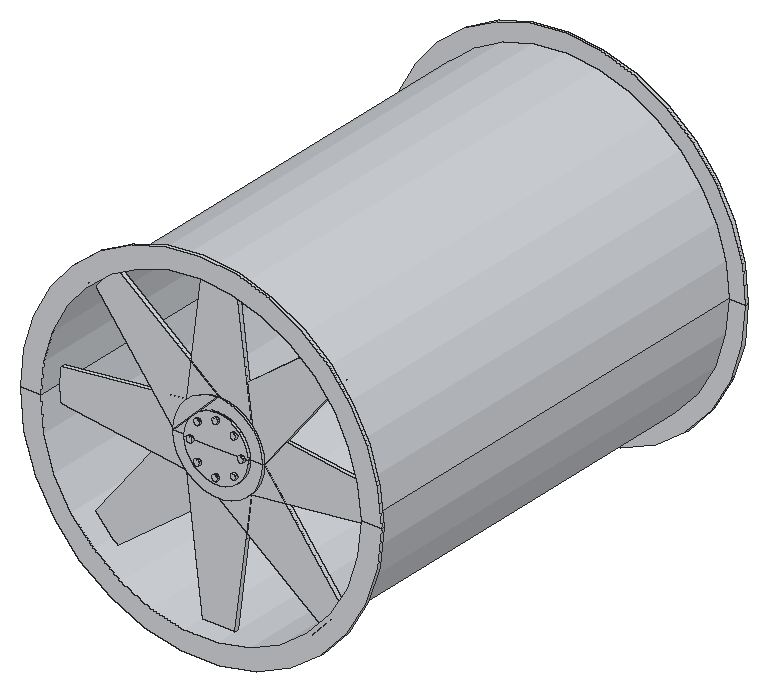
Revit family "CADS_Vent-Axia_MechEquip_Fan_BIFA_560_3Ph2P - EXTRACT", category Mechanical Equipment, Revit 2020
Family settings
  Round Connector Dimension = Use Diameter
  Part Type = Normal
  OmniClass Number = 23.75.00.00
  OmniClass Title = Climate Control (HVAC)
  Work Plane-Based = No
  Always vertical = Yes
  Cut with Voids When Loaded = No
  Shared = No
  Room Calculation Point = No
Parameters (values of type "BIFA563224")
  WorkingPressure = 0.0 Pa
  WarrantyStartDate [instance] = "1900-12-31T23:59:59"
  WarrantyPeriod = ""
  WarrantyIdentifier = "N/A"
  WarrantyGuarantorParts = "tech@vent-axia.com"
  WarrantyGuarantorLabor = "tech@vent-axia.com"
  WarrantyGuarantor = "Vent-Axia Limited"
  WarrantyEndDate [instance] = "1900-12-31T23:59:59"
  WarrantyContent = ""
  TemperatureRange = ""
  TagNumber [instance] = "N/A"
  SustainabilityPerformance = ""
  Status = "New"
  Size = ""
  Shape = ""
  ServiceLifeType = ""
  ServiceLifeDuration = ""
  SerialNumber [instance] = "N/A"
  ReplacementCost = ""
  RatedVoltage = 0 V
  RatedCurrent = 0 A
  Quantity = 1
  ProductionYear = ""
  PressureCurve = ""
  PowerFactor = ""
  PointOfContact = ""
  NumberOfPoles = 0
  NominalWidth = 560 mm
  NominalLength = 800 mm
  NominalHeight = 560 mm
  NominalFrequencyRange = ""
  NominalDiameter = 560 mm
  ModelReference = "BIF 560MM 3PH 2P 24DEG"
  ModelNumber = "BIFA563224"
  Material = ""
  ManufacturerE-Mail = "tech@vent-axia.com"
  ManufacturerAddress = "Fleming Way\nCrawley \nRH10 9YX"
  IsExtendedWarranty = no
  InsulationStandardClass = ""
  InstallationDate [instance] = "1900-12-31T23:59:59"
  IfcExportType [instance] = ""
  IfcExportAs = "IfcFanType"
  IP_Code = ""
  HasProtectiveEarth = no
  GrossWeight = 0.00 kg
  Grade = ""
  GlobalTradeItemNumber [instance] = "N/A"
  Fitting Type = "Ignore"
  Finish = ""
  Features = ""
  ExteriorInsulation = no
  ExpectedServiceLife = 0
  Exclusions = ""
  DurationUnit = "Year"
  Default Elevation = 0 mm
  Constituents = ""
  ConductorFunction = ""
  Color = ""
  CodePerformance = ""
  Category = ""
  CADS_Usage = 0
  CADS_Index = 0
  AssetType = "FIXED"
  AssetIdentifier [instance] = "N/A"
  AssemblyPlace = "UNKNOWN"
  ArticleNumber [instance] = "N/A"
  AirflowRateRange = 0.0 L/s
  Air Flow [instance] = 0.0 L/s
  AccessibilityPerformance = ""
Types (8, lengths in mm): name | ModelReference | ModelNumber
  BIFA563210 | "BIF 560MM 3PH 2P 10DEG" | "BIFA563210"
  BIFA563212 | "BIF 560MM 3PH 2P 12DEG" | "BIFA563212"
  BIFA563214 | "BIF 560MM 3PH 2P 14DEG" | "BIFA563214"
  BIFA563216 | "BIF 560MM 3PH 2P 16DEG" | "BIFA563216"
  BIFA563218 | "BIF 560MM 3PH 2P 18DEG" | "BIFA563218"
  BIFA563220 | "BIF 560MM 3PH 2P 20DEG" | "BIFA563220"
  BIFA563222 | "BIF 560MM 3PH 2P 22DEG" | "BIFA563222"
  BIFA563224 | "BIF 560MM 3PH 2P 24DEG" | "BIFA563224"
Reference planes
  plane 1 "Center (Front/Back)": y = 0
  plane 2: z = 0
  plane 3 "Center (Left/Right)": x = 0
  plane 4: x = -280
  plane 5: x = 280
  plane 6 "F": y = -400
  plane 7 "B": y = 400
  plane 8: x = -315
  plane 9: y = 395
  plane 10: y = -395
  plane 11: x = -285
  plane 12: y = -360
Forms (mm)
  Revolve 1, solid
    sketch origin (0, 0, 0) x (1, 0, 0) y (0, 1, 0)
      loop
        line (-315, -400) -> (-280, -400) -> (-280, 400) -> (-315, 400) -> (-315, 395) -> (-285, 395) -> (-285, -395) -> (-315, -395) -> (-315, -400)
      axis (0, 400) -> (0, -400)
    angle from 0 to 360
Dimensions and locks
  equal spacing: plane 4, plane 3 "Center (Left/Right)", plane 5
  equal spacing: plane 7 "B", plane 1 "Center (Front/Back)", plane 6 "F"
  "NominalLength": plane 7 "B" to plane 6 "F"
  "NominalDiameter": plane 4 to plane 5
  locked: plane 11 to plane 4 at 5
  locked: plane 8 to plane 11 at 30
  locked: plane 6 "F" to plane 10 at 5
  locked: plane 7 "B" to plane 9 at 5
  locked: plane 6 "F" to plane 12 at 40
  aligned and locked: level to plane 2
  aligned and locked: nested 1 to plane 12
Automatic sketch dimensions
  plane 6 "F" to Revolve 1 sketch curve = 0 mm
  Revolve 1 sketch curve to plane 8 = 0 mm  (x2)
  plane 10 to Revolve 1 sketch curve = 0 mm
  Revolve 1 sketch curve to plane 11 = 0 mm
  Revolve 1 sketch curve to plane 4 = 0 mm
  Revolve 1 sketch curve to plane 3 "Center (Left/Right)" = 0 mm
  plane 1 "Center (Front/Back)" to Revolve 1 sketch curve = 0 mm
  Revolve 1 sketch curve to plane 9 = 0 mm
  Revolve 1 sketch curve to plane 7 "B" = 0 mm
  plane 6 "F" to Revolve 1 sketch curve = 115 mm
Nested families
  nested 1: "Fan for BIFA" at (0, -360, 0), ND <- "NominalDiameter", type "Fan for BIFA"
    with hub 56 mm, ND 560 mm, BoltPCD 44.8 mm, Bolt Count 8, B_Diam 10 mm
  nested 2: "Bolts" at (0, -369.172, -44.8) x (-1, 0, 0) z (0, 1, 0), type "Bolts"
    with bd 10 mm
  nested 3: "Bolts" at (-31.678, -369.172, -31.678) x (-0.7071, 0, 0.7071) z (0, 1, 0), type "Bolts"
    with bd 10 mm
  nested 4: "Bolts" at (-44.8, -369.172, 0) x (0, 0, 1) z (0, 1, 0), type "Bolts"
    with bd 10 mm
  nested 5: "Bolts" at (-31.678, -369.172, 31.678) x (0.7071, 0, 0.7071) z (0, 1, 0), type "Bolts"
    with bd 10 mm
  nested 6: "Bolts" at (31.678, -369.172, 31.678) x (0.7071, 0, -0.7071) z (0, 1, 0), type "Bolts"
    with bd 10 mm
  nested 7: "Bolts" at (0, -369.172, 44.8) x (1, 0, 0) z (0, 1, 0), type "Bolts"
    with bd 10 mm
  nested 8: "BIFA Blade" at (0, -360, 0), type "BIFA Blade"
    with a 20.00°, HR 56 mm, HD 112 mm, BT 56 mm, BR 224 mm, BH 40 mm, BD 560 mm, BB 112 mm
  nested 9: "BIFA Blade" at (0, -360, 0) x (0.7071, 0, -0.7071) z (0.7071, 0, 0.7071), type "BIFA Blade"
    with a 20.00°, HR 56 mm, HD 112 mm, BT 56 mm, BR 224 mm, BH 40 mm, BD 560 mm, BB 112 mm
  nested 10: "BIFA Blade" at (0, -360, 0) x (0, 0, -1) z (1, 0, 0), type "BIFA Blade"
    with a 20.00°, HR 56 mm, HD 112 mm, BT 56 mm, BR 224 mm, BH 40 mm, BD 560 mm, BB 112 mm
  nested 11: "BIFA Blade" at (0, -360, 0) x (-0.7071, 0, -0.7071) z (0.7071, 0, -0.7071), type "BIFA Blade"
    with a 20.00°, HR 56 mm, HD 112 mm, BT 56 mm, BR 224 mm, BH 40 mm, BD 560 mm, BB 112 mm
  nested 12: "BIFA Blade" at (0, -360, 0) x (-1, 0, 0) z (0, 0, -1), type "BIFA Blade"
    with a 20.00°, HR 56 mm, HD 112 mm, BT 56 mm, BR 224 mm, BH 40 mm, BD 560 mm, BB 112 mm
  nested 13: "BIFA Blade" at (0, -360, 0) x (-0.7071, 0, -0.7071) z (-0.7071, 0, 0.7071), type "BIFA Blade"
    with a 20.00°, HR 56 mm, HD 112 mm, BT 56 mm, BR 224 mm, BH 40 mm, BD 560 mm, BB 112 mm
  nested 14: "BIFA Blade" at (0, -360, 0) x (0, 0, -1) z (-1, 0, 0), type "BIFA Blade"
    with a 20.00°, HR 56 mm, HD 112 mm, BT 56 mm, BR 224 mm, BH 40 mm, BD 560 mm, BB 112 mm
  nested 15: "BIFA Blade" at (0, -360, 0) x (0.7071, 0, -0.7071) z (-0.7071, 0, -0.7071), type "BIFA Blade"
    with a 20.00°, HR 56 mm, HD 112 mm, BT 56 mm, BR 224 mm, BH 40 mm, BD 560 mm, BB 112 mm
  nested 16: "Bolts" at (44.8, -369.172, 0) x (0, 0, -1) z (0, 1, 0), type "Bolts"
    with bd 10 mm
  nested 17: "Bolts" at (31.678, -369.172, -31.678) x (-0.7071, 0, -0.7071) z (0, 1, 0), type "Bolts"
    with bd 10 mm
Connectors
  hvac at (0, -400, 0), driven by "NominalDiameter", driven by "Air Flow"
    settings: on Revolve 1, index 1, duct flow 0.0 L/s, flow factor 0, pres drop 0.0 Pa, loss coef 0, conn angle 0.00°, conn width 304.8 mm, conn height 304.8 mm, conn diameter 560 mm, duct sys type 2, conn prof type 0, flow config 0, flow direction 1, loss method 0, conn ref index -1, conn util no, is conn primary yes, conn desc ""
  hvac at (0, 400, 0), driven by "NominalDiameter", driven by "Air Flow"
    settings: on Revolve 1, index 2, duct flow 0.0 L/s, flow factor 0, pres drop 0.0 Pa, loss coef 0, conn angle 0.00°, conn width 304.8 mm, conn height 304.8 mm, conn diameter 560 mm, duct sys type 3, conn prof type 0, flow config 1, flow direction 2, loss method 0, conn ref index -1, conn util no, is conn primary no, conn desc ""
Definition of nested family "Fan for BIFA"
  Parameters (values of type "Fan for BIFA")
    hub [instance] = ND / 10  # 50 mm
    ND [instance] = 500 mm
    Model = "."
    Default Elevation = 0 mm
    BoltPCD [instance] = hub - (hub * 0.2)  # 40 mm
    Bolt Count [instance] = if(hub < 50 mm, 6, 8)  # 8
    B_Diam [instance] = if(hub < 50 mm, 5 mm, 10 mm)  # 10 mm
  Reference planes
    plane 1 "Center (Front/Back)": y = 0
    plane 2: z = 0
    plane 3 "Center (Left/Right)": x = 0
    plane 4 "back": y = 20
    plane 5 "bolts": y = -9.172
    plane 6 "B": z = 50
    plane 7: x = -72.587
    plane 8: x = -50
    plane 9 "hubface": y = -6.172
  Forms (mm)
    Revolve 1, solid
      sketch origin (0, 0, 0) x (1, 0, 0) y (0, 1, 0)
        loop
          line (0, 20) -> (-50, 20) -> (-50, 10.504) -> (-72.587, 10.504) -> (-72.587, -2.597) -> (-50, -2.597) -> (-50, -6.172) -> (0, -6.172) -> (0, 20)
        axis (0, 20) -> (0, -6.172)
      angle from 0 to 360
    Extrusion 2, solid, not visible
      sketch origin (0, -6.347, -4) x (-1, 0, 0) y (0, 0, 1)
        loop
          circle (0, 84) r 5
      from 0 to 3
  Lines and regions (mm)
    symbolic lines
      curve 1: circle (0, -9.172, 0) r 40 normal (0, 1, 0)
    model lines, not visible
      curve 2: line (0, -6.347, 85) -> (0, -6.347, 75)
  Dimensions and locks
    "hub": plane 6 "B" to plane 2
    "hub": nested 3 to plane 3 "Center (Left/Right)"
    "hub": nested 4 to plane 3 "Center (Left/Right)"
    "hub": nested 5 to plane 3 "Center (Left/Right)"
    "hub": plane 3 "Center (Left/Right)" to nested 6
    "hub": Revolve 1 sketch curve to Revolve 1 sketch curve
    "hub": plane 3 "Center (Left/Right)" to nested 7
    "hub": plane 3 "Center (Left/Right)" to nested 8
    "hub": plane 3 "Center (Left/Right)" to nested 9
    "hub": plane 8 to plane 3 "Center (Left/Right)"
    plane 7 to plane 8 = 22.587 mm
    diameter of Extrusion 2 sketch curve = 10 mm
    "BoltPCD": radius of curve 1
    "BoltPCD": radius of radial array
    aligned and locked: level to plane 2
    aligned and locked: plane 6 "B" to nested 1
  Automatic sketch dimensions
    Revolve 1 sketch curve to plane 7 = 0 mm
    Revolve 1 sketch curve to plane 8 = 0 mm  (x2)
    Revolve 1 sketch curve to plane 3 "Center (Left/Right)" = 0 mm
    Revolve 1 sketch curve to plane 9 "hubface" = 0 mm
    plane 4 "back" to Revolve 1 sketch curve = 0 mm
    plane 1 "Center (Front/Back)" to Revolve 1 sketch curve = 2.597 mm
    plane 4 "back" to Revolve 1 sketch curve = 9.496 mm
    plane 4 "back" to Revolve 1 sketch curve = 5 mm
    Revolve 1 sketch curve to Revolve 1 sketch curve = 45 mm
    curve 1 to level = 0 mm
    curve 1 to plane 3 "Center (Left/Right)" = 0 mm
  Nested families
    nested 1: "BIFA Blade" at (0, 0, 25), BD <- "ND", HD <- "hub", type "BIFA Blade"
      with a 20.00°, HR 25 mm, HD 50 mm, BT 25 mm, BR 100 mm, BH 40 mm, BD 250 mm, BB 50 mm
    nested 2: "BIFA Blade" at (0, 0, 55), BD <- "ND", HD <- "hub", type "BIFA Blade", not visible
      with a 20.00°, HR 25 mm, HD 50 mm, BT 25 mm, BR 100 mm, BH 40 mm, BD 250 mm, BB 50 mm
    nested 3: "BIFA Blade" at (17.678, 0, 17.678) x (0.7071, 0, -0.7071) z (0.7071, 0, 0.7071), BD <- "ND", HD <- "hub", type "BIFA Blade"
      with a 20.00°, HR 25 mm, HD 50 mm, BT 25 mm, BR 100 mm, BH 40 mm, BD 250 mm, BB 50 mm
    nested 4: "BIFA Blade" at (25, 0, 0) x (0, 0, -1) z (1, 0, 0), BD <- "ND", HD <- "hub", type "BIFA Blade"
      with a 20.00°, HR 25 mm, HD 50 mm, BT 25 mm, BR 100 mm, BH 40 mm, BD 250 mm, BB 50 mm
    nested 5: "BIFA Blade" at (17.678, 0, -17.678) x (-0.7071, 0, -0.7071) z (0.7071, 0, -0.7071), BD <- "ND", HD <- "hub", type "BIFA Blade"
      with a 20.00°, HR 25 mm, HD 50 mm, BT 25 mm, BR 100 mm, BH 40 mm, BD 250 mm, BB 50 mm
    nested 6: "BIFA Blade" at (0, 0, -25) x (-1, 0, 0) z (0, 0, -1), BD <- "ND", HD <- "hub", type "BIFA Blade"
      with a 20.00°, HR 25 mm, HD 50 mm, BT 25 mm, BR 100 mm, BH 40 mm, BD 250 mm, BB 50 mm
    nested 7: "BIFA Blade" at (-17.678, 0, 17.678) x (-0.7071, 0, -0.7071) z (-0.7071, 0, 0.7071), BD <- "ND", HD <- "hub", type "BIFA Blade"
      with a 20.00°, HR 25 mm, HD 50 mm, BT 25 mm, BR 100 mm, BH 40 mm, BD 250 mm, BB 50 mm
    nested 8: "BIFA Blade" at (-25, 0, 0) x (0, 0, -1) z (-1, 0, 0), BD <- "ND", HD <- "hub", type "BIFA Blade"
      with a 20.00°, HR 25 mm, HD 50 mm, BT 25 mm, BR 100 mm, BH 40 mm, BD 250 mm, BB 50 mm
    nested 9: "BIFA Blade" at (-17.678, 0, -17.678) x (0.7071, 0, -0.7071) z (-0.7071, 0, -0.7071), BD <- "ND", HD <- "hub", type "BIFA Blade"
      with a 20.00°, HR 25 mm, HD 50 mm, BT 25 mm, BR 100 mm, BH 40 mm, BD 250 mm, BB 50 mm
    nested 10: "Bolts" at (0, -9.172, 40) x (1, 0, 0) z (0, 1, 0), bd <- "B_Diam", type "Bolts"
      with bd 10 mm
    nested 11: "Bolts" at (28.284, -9.172, 28.284) x (0.7071, 0, -0.7071) z (0, 1, 0), bd <- "B_Diam", type "Bolts"
      with bd 10 mm
    nested 12: "Bolts" at (-28.284, -9.172, 28.284) x (0.7071, 0, 0.7071) z (0, 1, 0), bd <- "B_Diam", type "Bolts"
      with bd 10 mm
    nested 13: "Bolts" at (-40, -9.172, 0) x (0, 0, 1) z (0, 1, 0), bd <- "B_Diam", type "Bolts"
      with bd 10 mm
    nested 14: "Bolts" at (-28.284, -9.172, -28.284) x (-0.7071, 0, 0.7071) z (0, 1, 0), bd <- "B_Diam", type "Bolts"
      with bd 10 mm
    nested 15: "Bolts" at (0, -9.172, -40) x (-1, 0, 0) z (0, 1, 0), bd <- "B_Diam", type "Bolts"
      with bd 10 mm
    nested 16: "Bolts" at (28.284, -9.172, -28.284) x (-0.7071, 0, -0.7071) z (0, 1, 0), bd <- "B_Diam", type "Bolts"
      with bd 10 mm
    nested 17: "Bolts" at (40, -9.172, 0) x (0, 0, -1) z (0, 1, 0), bd <- "B_Diam", type "Bolts"
      with bd 10 mm
  Definition of nested family "BIFA Blade"
    Parameters (values of type "BIFA Blade")
      a [instance] = 20.00°
      HR [instance] = HD / 2  # 30 mm
      HD [instance] = BD / 5  # 60 mm
      Default Elevation = 1219.2 mm
      BT [instance] = BD / 10  # 30 mm
      BR [instance] = (BD / 2) - HR  # 120 mm
      BH [instance] = 40 mm
      BD [instance] = 300 mm
      BB [instance] = BD / 5  # 60 mm
    Reference planes
      plane 1 "Center (Front/Back)": y = 0
      plane 2: z = 0
      plane 3 "Center (Left/Right)": x = 0
      plane 4 "Blade Bot": z = 30
      plane 5: x = -30
      plane 6: x = 30
      plane 7: x = -15
      plane 8: x = 15
    Forms (mm)
      Blend 1, solid
        base sketch origin (0, 0, 30) x (-1, 0, 0) y (0, -1, 0)
          loop
            line (30, 0) -> (-30, 0) -> (-30, -6) -> (30, -6) -> (30, 0)
        top sketch origin (0, 0, 30) x (-1, 0, 0) y (0, -1, 0)
          loop
            line (15, -6) -> (15, 0) -> (-15, 0) -> (-15, -6) -> (15, -6)
        from 0 to 120 <- "BR"
    Dimensions and locks
      "HR": plane 4 "Blade Bot" to level
      equal spacing: plane 8, plane 3 "Center (Left/Right)", plane 7
      "BT": plane 8 to plane 7
      equal spacing: plane 6, plane 3 "Center (Left/Right)", plane 5
      "BB": plane 6 to plane 5
      aligned and locked: level to plane 2
    Automatic sketch dimensions
      plane 1 "Center (Front/Back)" to Blend 1 sketch curve = 0 mm  (x2)
      Blend 1 sketch curve to plane 6 = 0 mm
      Blend 1 sketch curve to plane 5 = 0 mm
      Blend 1 sketch curve to plane 1 "Center (Front/Back)" = 6 mm  (x2)
      Blend 1 sketch curve to plane 8 = 0 mm
      Blend 1 sketch curve to plane 7 = 0 mm
  Definition of nested family "Bolts"
    Parameters
      bd [instance] = 10 mm
      Default Elevation = 1219.2 mm
    Reference planes
      plane 1 "Center (Front/Back)": y = 0
      plane 2: z = 0
      plane 3 "Center (Left/Right)": x = 0
    Forms (mm)
      Extrusion 1, solid
        sketch origin (0, 0, 0) x (1, 0, 0) y (0, 1, 0)
          loop
            line (-1219.2, 1219.2) -> (-1219.2, -1219.2) -> (1219.2, -1219.2) -> (1219.2, 1219.2) -> (-1219.2, 1219.2)
        from 0 to -304.8
      Extrusion 2, solid
        sketch origin (0, 0, 0) x (1, 0, 0) y (0, 1, 0)
          loop
            circle (0, 0) r 5
        from 0 to 3
    Dimensions and locks
      "bd": diameter of Extrusion 2 sketch curve
      aligned and locked: plane 2 to Extrusion 1
      aligned and locked: level to Extrusion 1
    Automatic sketch dimensions
      Extrusion 1 sketch curve to Extrusion 1 sketch curve = 2438.4 mm  (x2)
      plane 1 "Center (Front/Back)" to Extrusion 2 sketch curve = 0 mm
      Extrusion 2 sketch curve to plane 3 "Center (Left/Right)" = 0 mm
Definition of nested family "Bolts"
  Parameters
    bd [instance] = 10 mm
    Default Elevation = 1219.2 mm
  Reference planes
    plane 1 "Center (Front/Back)": y = 0
    plane 2: z = 0
    plane 3 "Center (Left/Right)": x = 0
  Forms (mm)
    Extrusion 1, solid
      sketch origin (0, 0, 0) x (1, 0, 0) y (0, 1, 0)
        loop
          line (-1219.2, 1219.2) -> (-1219.2, -1219.2) -> (1219.2, -1219.2) -> (1219.2, 1219.2) -> (-1219.2, 1219.2)
      from 0 to -304.8
    Extrusion 2, solid
      sketch origin (0, 0, 0) x (1, 0, 0) y (0, 1, 0)
        loop
          circle (0, 0) r 5
      from 0 to 3
  Dimensions and locks
    "bd": diameter of Extrusion 2 sketch curve
    aligned and locked: plane 2 to Extrusion 1
    aligned and locked: level to Extrusion 1
  Automatic sketch dimensions
    Extrusion 1 sketch curve to Extrusion 1 sketch curve = 2438.4 mm  (x2)
    plane 1 "Center (Front/Back)" to Extrusion 2 sketch curve = 0 mm
    Extrusion 2 sketch curve to plane 3 "Center (Left/Right)" = 0 mm
Definition of nested family "BIFA Blade"
  Parameters (values of type "BIFA Blade")
    a [instance] = 20.00°
    HR [instance] = HD / 2  # 30 mm
    HD [instance] = BD / 5  # 60 mm
    Default Elevation = 1219.2 mm
    BT [instance] = BD / 10  # 30 mm
    BR [instance] = (BD / 2) - HR  # 120 mm
    BH [instance] = 40 mm
    BD [instance] = 300 mm
    BB [instance] = BD / 5  # 60 mm
  Reference planes
    plane 1 "Center (Front/Back)": y = 0
    plane 2: z = 0
    plane 3 "Center (Left/Right)": x = 0
    plane 4 "Blade Bot": z = 30
    plane 5: x = -30
    plane 6: x = 30
    plane 7: x = -15
    plane 8: x = 15
  Forms (mm)
    Blend 1, solid
      base sketch origin (0, 0, 30) x (-1, 0, 0) y (0, -1, 0)
        loop
          line (30, 0) -> (-30, 0) -> (-30, -6) -> (30, -6) -> (30, 0)
      top sketch origin (0, 0, 30) x (-1, 0, 0) y (0, -1, 0)
        loop
          line (15, -6) -> (15, 0) -> (-15, 0) -> (-15, -6) -> (15, -6)
      from 0 to 120 <- "BR"
  Dimensions and locks
    "HR": plane 4 "Blade Bot" to level
    equal spacing: plane 8, plane 3 "Center (Left/Right)", plane 7
    "BT": plane 8 to plane 7
    equal spacing: plane 6, plane 3 "Center (Left/Right)", plane 5
    "BB": plane 6 to plane 5
    aligned and locked: level to plane 2
  Automatic sketch dimensions
    plane 1 "Center (Front/Back)" to Blend 1 sketch curve = 0 mm  (x2)
    Blend 1 sketch curve to plane 6 = 0 mm
    Blend 1 sketch curve to plane 5 = 0 mm
    Blend 1 sketch curve to plane 1 "Center (Front/Back)" = 6 mm  (x2)
    Blend 1 sketch curve to plane 8 = 0 mm
    Blend 1 sketch curve to plane 7 = 0 mm
